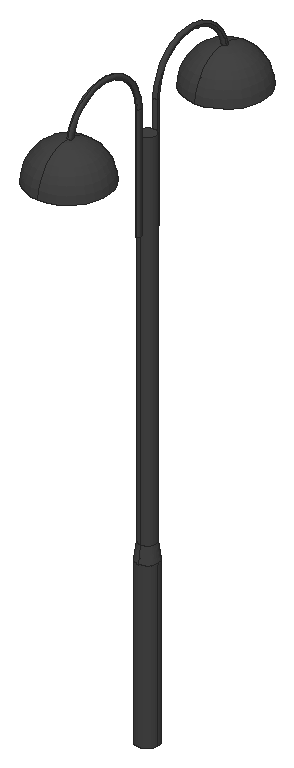
Revit family
Parameters
  Material Post = Paint - Black Matte
  Main Radius = Base Radius - 25 mm  # 75 mm
  Keynote = "V"
  Height = 5000 mm
  Base Radius = 100 mm
  Base Height = 1500 mm
Reference planes
  plane 1 "Light Source Axis (F/B)": y = 0
  plane 2: z = 0
  plane 3 "Light Source Axis (L/R)": x = 0
  plane 4 "Light Source Elevation": z = 5000
  plane 5: z = 1500
  plane 6: z = 1650
  plane 7: z = 7950
  plane 8: y = -100
  plane 9: y = -500
  plane 10: z = 7700
  plane 11: z = 7950
  plane 12: y = -100
  plane 13: y = -550
  plane 14: z = 7700
  plane 15: y = 550
  plane 16: y = 0
Forms (mm)
  Extrusion 1, solid, material "Paint - Black Matte" <- "Material Post"
    sketch origin (0, 0, 0) x (1, 0, 0) y (0, 1, 0)
      loop
        circle (0, 0) r 100
    from 0 to 1500
  Extrusion 2, solid, material "Paint - Black Matte" <- "Material Post"
    sketch origin (0, 0, 1650) x (0, -1, 0) y (-1, 0, 0)
      loop
        circle (0, 0) r 75
    from 0 to -3350
  Blend 3, solid, material "Paint - Black Matte" <- "Material Post"
    base sketch origin (0, 0, 1500) x (0, -1, 0) y (1, 0, 0)
      loop
        circle (0, 0) r 100
    top sketch origin (0, 0, 1500) x (0, -1, 0) y (1, 0, 0)
      loop
        circle (0, 0) r 75
    from 0 to 150
  Sweep 4, solid, material "Paint - Black Matte" <- "Material Post"
    path origin (0, 0, 0) x (0, 1, 0) y (0, 0, 1)
      loop
        line (-100, 4200) -> (-100, 5250)
        arc (-100, 5250) -> (-500, 5650) -> (-900, 5250) r 400
    profile origin (0, 0, 4725) x (0, -1, 0) y (1, 0, 0)
      loop
        circle (100, 0) r 20
  Revolve 5, solid, material "Paint - Black Matte" <- "Material Post"
    sketch origin (0, 0, 0) x (0, 1, 0) y (0, 0, 1)
      loop
        arc (-550, 5000) -> (-652.513, 5247.487) -> (-900, 5350) r 350
        line (-900, 5350) -> (-900, 5340)
        arc (-900, 5340) -> (-659.584, 5240.416) -> (-560, 5000) r 340
        line (-560, 5000) -> (-550, 5000)
      axis (-900, 5350) -> (-900, 5000)
    angle from 0 to 360
  Sweep 6, solid, material "Paint - Black Matte" <- "Material Post"
    path origin (0, 0, 0) x (0, -1, 0) y (0, 0, -1)
      loop
        line (-100, -4200) -> (-100, -5250)
        arc (-100, -5250) -> (-500, -5650) -> (-900, -5250) r 400
    profile origin (0, 0, 4725) x (1, 0, 0) y (0, 1, 0)
      loop
        circle (0, 100) r 20
  Revolve 7, solid, material "Paint - Black Matte" <- "Material Post"
    sketch origin (0, 0, 0) x (0, -1, 0) y (0, 0, -1)
      loop
        line (-550, -5000) -> (-560, -5000)
        arc (-560, -5000) -> (-659.584, -5240.416) -> (-900, -5340) r 340
        line (-900, -5340) -> (-900, -5350)
        arc (-900, -5350) -> (-652.513, -5247.487) -> (-550, -5000) r 350
      axis (-900, -5350) -> (-900, -5000)
    angle from 0 to 360
Lines and regions (mm)
  Masking region 1
    outline origin (0, 0, 1500) x (0, -1, 0) y (1, 0, 0)
      loop
        line (-550.566, -19.9) -> (-98, -19.9)
        arc (-98, -19.9) -> (-63.285, -77.427) -> (0, -100) r 100
        arc (0, -100) -> (63.285, -77.427) -> (98, -19.9) r 100
        line (98, -19.9) -> (560.583, -19.9)
        arc (560.583, -19.9) -> (909.954, -339.854) -> (1240, 0) r 340
        arc (1240, 0) -> (909.954, 339.854) -> (560.583, 19.9) r 340
        line (560.583, 19.9) -> (98, 19.9)
        arc (98, 19.9) -> (63.285, 77.427) -> (0, 100) r 100
        arc (0, 100) -> (-63.285, 77.427) -> (-98, 19.9) r 100
        line (-98, 19.9) -> (-550.566, 19.9)
        arc (-550.566, 19.9) -> (-909.954, 349.858) -> (-1250, 0) r 350
        arc (-1250, 0) -> (-909.954, -349.858) -> (-550.566, -19.9) r 350
  symbolic lines
    curve 1: arc (0, 550, 1500) -> (-350, 900, 1500) -> (0, 1250, 1500) r 350
    curve 2: arc (0, 1250, 1500) -> (350, 900, 1500) -> (0, 550, 1500) r 350
    curve 3: arc (0, -1240, 1500) -> (-340, -900, 1500) -> (0, -560, 1500) r 340
    curve 4: arc (0, -560, 1500) -> (340, -900, 1500) -> (0, -1240, 1500) r 340
    curve 5: arc (-100, 0, 1500) -> (0, -100, 1500) -> (100, 0, 1500) r 100
    curve 6: arc (100, 0, 1500) -> (0, 100, 1500) -> (-100, 0, 1500) r 100
    curve 7: line (-19.9, -98, 1500) -> (-19.9, -560.583, 1500)
    curve 8: line (-19.9, 98, 1500) -> (-19.9, 550.566, 1500)
    curve 9: line (19.9, -98, 1500) -> (19.9, -560.583, 1500)
    curve 10: line (19.9, 98, 1500) -> (19.9, 550.566, 1500)
Dimensions and locks
  "Base Height": plane 5 to plane 2
  "Height": plane 4 "Light Source Elevation" to plane 2
  plane 6 to plane 5 = 150 mm
  plane 8 to plane 9 = 400 mm
  locked: plane 1 "Light Source Axis (F/B)" to plane 8 at 100
  plane 5 to plane 6 = 150 mm
  plane 4 "Light Source Elevation" to Sweep 4 sketch curve = 650 mm
  plane 13 to plane 12 = 450 mm
  plane 4 "Light Source Elevation" to Sweep 6 sketch curve = 650 mm
  plane 1 "Light Source Axis (F/B)" to Sweep 6 sketch curve = 100 mm
  plane 1 "Light Source Axis (F/B)" to Sweep 6 sketch curve = 900 mm
  Sweep 6 sketch curve to plane 15 = 450 mm
  Sweep 4 sketch curve to plane 4 "Light Source Elevation" = 800 mm
  Sweep 6 sketch curve to plane 4 "Light Source Elevation" = 800 mm
  "Base Radius": radius of Extrusion 1 sketch curve
  "Main Radius": radius of Extrusion 2 sketch curve
  aligned and locked: Extrusion 2 to plane 6
  aligned and locked: Blend 3 to plane 6
  aligned and locked: Blend 3 sketch curve to Extrusion 1
  aligned and locked: Blend 3 sketch curve to Extrusion 2
  aligned and locked: Extrusion 1 to plane 5
  aligned and locked: curve 1 to Revolve 7
  aligned and locked: curve 2 to Revolve 7
  aligned and locked: curve 3 to Revolve 5
  aligned and locked: curve 4 to Revolve 5
  aligned and locked: curve 5 to Extrusion 1
  aligned and locked: curve 6 to Extrusion 1
  aligned and locked: Masking region 1 sketch curve to curve 1
  aligned and locked: Masking region 1 sketch curve to curve 2
  aligned and locked: Masking region 1 sketch curve to curve 3
  aligned and locked: Masking region 1 sketch curve to curve 4
  aligned and locked: Masking region 1 sketch curve to curve 9
  aligned and locked: Masking region 1 sketch curve to curve 7
  aligned and locked: Masking region 1 sketch curve to Extrusion 1  (x2)
  aligned and locked: Masking region 1 sketch curve to curve 10
  aligned and locked: Masking region 1 sketch curve to curve 8
  aligned and locked: plane 4 "Light Source Elevation" to nested 1
  aligned and locked: plane 4 "Light Source Elevation" to nested 2
Automatic sketch dimensions
  Extrusion 1 sketch curve to plane 1 "Light Source Axis (F/B)" = 0 mm
  Extrusion 1 sketch curve to plane 3 "Light Source Axis (L/R)" = 0 mm
  Extrusion 2 sketch curve to plane 1 "Light Source Axis (F/B)" = 0 mm
  Extrusion 2 sketch curve to plane 3 "Light Source Axis (L/R)" = 0 mm
  Sweep 4 sketch curve to plane 9 = 0 mm
  Sweep 4 sketch curve to plane 8 = 0 mm
  Sweep 4 sketch curve to plane 3 "Light Source Axis (L/R)" = 0 mm
  Sweep 4 sketch curve to profile plane = 0 mm
  Revolve 5 sketch curve to Revolve 5 sketch curve = 0 mm  (x2)
  Revolve 5 sketch curve to plane 4 "Light Source Elevation" = 0 mm
  plane 1 "Light Source Axis (F/B)" to Revolve 5 sketch curve = 900 mm  (x2)
  Revolve 5 sketch curve to Revolve 5 sketch curve = 340 mm
  Revolve 5 sketch curve to Revolve 5 sketch curve = 10 mm
  Revolve 5 sketch curve to level = 508 mm
  Revolve 5 sketch curve to Revolve 5 sketch curve = 1403 mm
  Sweep 6 sketch curve to profile plane = 0 mm  (x2)
  Revolve 7 sketch curve to Revolve 7 sketch curve = 0 mm  (x2)
  Revolve 7 sketch curve to plane 4 "Light Source Elevation" = 0 mm
  Revolve 7 sketch curve to plane 1 "Light Source Axis (F/B)" = 900 mm  (x2)
  Revolve 7 sketch curve to Revolve 7 sketch curve = 340 mm
  Revolve 7 sketch curve to Revolve 7 sketch curve = 10 mm
  Revolve 7 sketch curve to Revolve 7 sketch curve = 1403 mm
  Revolve 7 sketch curve to level = 508 mm
  curve 8 to plane 3 "Light Source Axis (L/R)" = 19.9 mm
  plane 3 "Light Source Axis (L/R)" to curve 10 = 19.9 mm
  curve 7 to plane 3 "Light Source Axis (L/R)" = 19.9 mm
  plane 3 "Light Source Axis (L/R)" to curve 9 = 19.9 mm
  Masking region 1 sketch curve to Masking region 1 sketch curve = 0 mm  (x2)
  radius of Sweep 4 sketch curve = 20 mm
  radius of Sweep 6 sketch curve = 20 mm
Nested families
  nested 1: "Light Source" at (0, -920, 3500), type "Light Source"
  nested 2: "Light Source" at (0, 910.809, 3500), type "Light Source"
Definition of nested family "Light Source"
  Parameters
    Wattage = 250 W
    built-in parameter 1150110 = 1 (stored number, unit not read)
    built-in parameter 1114217 = 1 (stored number, unit not read)
    built-in parameter 1150109 = 1 (stored number, unit not read)
    built-in parameter 1150134 = 3
    built-in parameter 1150113 = 1 (stored number, unit not read)
    Lumens = 4500 lm
    built-in parameter 1150115 = 1 (stored number, unit not read)
    built-in parameter 1150105 = 1432.4 (stored number, unit not read)
    Light Source Symbol Size = 609.6 mm
    built-in parameter 1150137 = (empty or 0)
    built-in parameter 1150139 = (empty or 0)
    built-in parameter 1150112 = 1 (stored number, unit not read)
    built-in parameter 1150114 = 1 (stored number, unit not read)
    built-in parameter 1150132 = (empty or 0)
    built-in parameter 1150102 = (empty or 0)
    built-in parameter 1150138 = (empty or 0)
    built-in parameter 1150107 = 3200 (stored number, unit not read)
    built-in parameter 1150106 = 14.324 (stored number, unit not read)
    built-in parameter 1150104 = 1.6723 (stored number, unit not read)
    Dimming Lamp Color Temperature Shift = (empty or 0)
    Color Filter = 16777215
    built-in parameter 1114218 = 1 (stored number, unit not read)
    built-in parameter 1150133 = 10 (stored number, unit not read)
  Reference planes
    plane 1 "Light Source Axis (F/B)": y = 0
    plane 2: z = 0
    plane 3 "Light Source Axis (L/R)": x = 0
    plane 4 "Light Source Elevation": z = 1500
  Dimensions and locks
    aligned and locked: plane 3 "Light Source Axis (L/R)" to imposter light
    aligned and locked: plane 1 "Light Source Axis (F/B)" to imposter light
    aligned and locked: plane 4 "Light Source Elevation" to imposter light
